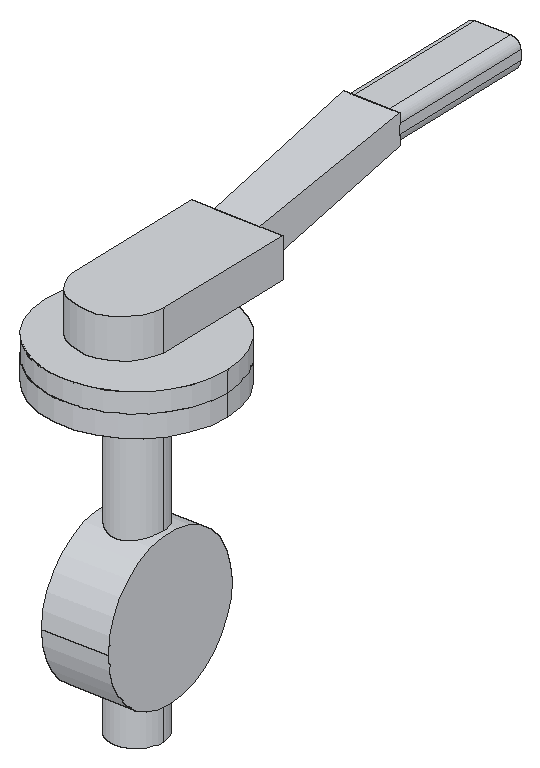
Revit family "HS497-68_disk-nerez_s pákou DN040-RFA_2018", category Pipe Accessories, Revit 2018
Family settings
  Round Connector Dimension = Use Diameter
  Part Type = Valve - Breaks Into
  Work Plane-Based = No
  Always vertical = Yes
  Cut with Voids When Loaded = No
  Shared = No
Parameters (values of type "HS 497-68_DN040_PN16_s pákou")
  magiProductId = "c1b522ca65b4407a98818f232eaacb"
  magiProductFamilyId = "53cea81e6f374d17b8841d9c72ad77"
  magiPartTypeId = 305
  isMeasuringValve [instance] = no
  ang2D [instance] = 0.00°
  X11 = 61.456 mm
  X1 = 25.456 mm
  W2D = 1000 mm
  VersionID = "2.0/2017.9.26.1/ZETKAMA_497_001"
  Use Minimum Symbol Size [instance] = yes
  URL = "http://www.hydronic.cz"
  Type Comments = "mezipřírubová; nerezový disk; PN16; -10~+110°C (krátkodobě +120°C)"
  SW30 = no
  SW3 = no
  SW21 = no
  SW20 = yes
  SW2 = yes
  SW1 = no
  R = 20 mm
  QmdConnectorList = "301;D;302;D"
  Productdata [instance] = ""
  NC = 50 mm
  Manufacturer = "Hydronic Systems Prague s.r.o."
  MM20 = 25.456 mm
  MC Product Code = "121 040 (nerezový disk, s pákou; DN40; PN16, kvs78)"
  M41 = 66 mm
  M4 = 44 mm
  LHL = 220 mm
  LHH3 = 2.45 mm
  LHH1 = 46.55 mm
  LH1 = 73.333 mm
  L4R__ve = -L4R  # -12.8 mm
  L4R = 12.8 mm
  L42__ve = -L42  # -96 mm
  L42 = 96 mm
  L41__ve = -L41  # -19.2 mm
  L41 = 19.2 mm
  L2D_Min = 3048 mm
  L2D = 216 mm
  L2 = 16.5 mm
  L1 = 26.4 mm
  L = 33 mm
  H = 30 mm
  G22 = 11.25 mm
  G2 = 22.5 mm
  G1 = 90 mm
  G = 90 mm
  F = 11 mm
  E44 = 31.25 mm
  E42 = 62.5 mm
  E4 = 125 mm
  E23 = 4.9 mm
  E22 = 19.6 mm
  E21 = 9.8 mm
  Description = "Mezipřírubová uzavírací klapka s pákou; nerezový disk, DN40; PN16; kvs78"
  DR2 = 20 mm
  DR = 76 mm
  DD1 = 15.625 mm
  DD = 12.5 mm
  D = 40 mm
  CAT0 = yes
  B2__ve = -B2  # -36 mm
  B2 = 36 mm
  A2 = 11 mm
  A1 = 79 mm
Types (43, lengths in mm): name | magiProductId | X11 | X1 | Type Comments | SW30 | SW3 | SW20 | SW2 | SW1 | R | NC | Manufacturer | MM20 | MC Product Code | M41 | M4 | LHL | LHH3 | LHH1 | LH1 | L4R__ve | L4R | L42__ve | L42 | L41__ve | L41 | L2 | L1 | L | H | G | F | E44 | E42 | E4 | E23 | E22 | E21 | Description | DR2 | DR | DD1 | DD | D | B2__ve | B2 | A2 | A1
  HS 497-68_DN100_PN16_volné vřeteno | "65d1b245f4f142c78569c0602d5754" | 61.456 | 25.456 | "mezipřírubová; nerezový disk; PN16; -10~+110°C (krátkodobě +120°C)" | no | no | no | no | yes | 50 | 50 | "Hydronic Systems Prague s.r.o." | 25.456 | "124 100 (nerezový disk, s volným vřetenem; DN100; PN16, kvs512)" | 66 | 44 | 220 | 2.45 | 46.55 | 73.333 | -12.8 | 12.8 | -96 | 96 | -19.2 | 19.2 | 26 | 41.6 | 52 | 30 | 90 | 11 | 31.25 | 62.5 | 125 | 4.9 | 19.6 | 9.8 | "Mezipřírubová uzavírací klapka s volným vřetenem; nerezový disk, DN100; PN16; kvs512" | 50 | 147 | 15.625 | 12.5 | 100 | -56 | 56 | 16.5 | 98.5
  HS 497-68_DN100_PN16_převodové kolo | "11e91b807e674d428c8e796fcdcfe2" | 61.456 | 25.456 | "mezipřírubová; nerezový disk; PN16; -10~+110°C (krátkodobě +120°C)" | yes | yes | no | no | no | 50 | 50 | "Hydronic Systems Prague s.r.o." | 25.456 | "126 100 (nerezový disk, s převodovým kolem; DN100; PN16, kvs512)" | 65.25 | 43.5 | 220 | 2.45 | 46.55 | 73.333 | -12.8 | 12.8 | -96 | 96 | -19.2 | 19.2 | 26 | 41.6 | 52 | 30 | 90 | 11 | 31.25 | 62.5 | 125 | 4.9 | 19.6 | 9.8 | "Mezipřírubová uzavírací klapka s převodovým kolem; nerezový disk, DN100; PN16; kvs512" | 50 | 147 | 15.625 | 12.5 | 100 | -56 | 56 | 16.5 | 98.5
  HS 497-68_DN100_PN16_s pákou | "28172f0b3f4b47b28323ac71cf8749" | 61.456 | 25.456 | "mezipřírubová; nerezový disk; PN16; -10~+110°C (krátkodobě +120°C)" | no | no | yes | yes | no | 50 | 50 | "Hydronic Systems Prague s.r.o." | 25.456 | "121 100 (nerezový disk, s pákou; DN100; PN16, kvs512)" | 66 | 44 | 260 | 3 | 57 | 86.667 | -12.8 | 12.8 | -96 | 96 | -19.2 | 19.2 | 26 | 41.6 | 52 | 30 | 90 | 11 | 31.25 | 62.5 | 125 | 6 | 24 | 12 | "Mezipřírubová uzavírací klapka s pákou; nerezový disk, DN100; PN16; kvs512" | 50 | 147 | 15.625 | 12.5 | 100 | -56 | 56 | 16.5 | 98.5
  HS 497-68_DN125_PN16_volné vřeteno | "0d813d910fc14f628bb3c2efbd185c" | 61.456 | 25.456 | "mezipřírubová; nerezový disk; PN16; -10~+110°C (krátkodobě +120°C)" | no | no | no | no | yes | 62.5 | 50 | "Hydronic Systems Prague s.r.o." | 25.456 | "124 125 (nerezový disk, s volným vřetenem; DN125; PN16, kvs872)" | 66 | 44 | 220 | 2.45 | 46.55 | 73.333 | -12.8 | 12.8 | -96 | 96 | -19.2 | 19.2 | 28 | 44.8 | 56 | 33 | 90 | 14 | 31.25 | 62.5 | 125 | 4.9 | 19.6 | 9.8 | "Mezipřírubová uzavírací klapka s volným vřetenem; nerezový disk, DN125; PN16; kvs872" | 62.5 | 180 | 15.625 | 12.5 | 125 | -64 | 64 | 18 | 99.5
  HS 497-68_DN125_PN16_převodové kolo | "c56b7c13f372467684996fb1e0e229" | 61.456 | 25.456 | "mezipřírubová; nerezový disk; PN16; -10~+110°C (krátkodobě +120°C)" | yes | yes | no | no | no | 62.5 | 50 | "Hydronic Systems Prague s.r.o." | 25.456 | "126125 (nerezový disk, s převodovým kolem; DN125; PN16, kvs872)" | 65.25 | 43.5 | 220 | 2.45 | 46.55 | 73.333 | -13.5 | 13.5 | -101.25 | 101.25 | -20.25 | 20.25 | 28 | 44.8 | 56 | 33 | 90 | 14 | 40 | 80 | 160 | 4.9 | 19.6 | 9.8 | "Mezipřírubová uzavírací klapka s převodovým kolem; nerezový disk, DN125; PN16; kvs872" | 62.5 | 180 | 20 | 16 | 125 | -64 | 64 | 18 | 99.5
  HS 497-68_DN125_PN16_s pákou | "105993c79a91492399feef7931321a" | 61.456 | 25.456 | "mezipřírubová; nerezový disk; PN16; -10~+110°C (krátkodobě +120°C)" | no | no | yes | yes | no | 62.5 | 50 | "Hydronic Systems Prague s.r.o." | 25.456 | "121 125 (nerezový disk, s pákou; DN125; PN16, kvs872)" | 66 | 44 | 315 | 3.75 | 71.25 | 105 | -12.8 | 12.8 | -96 | 96 | -19.2 | 19.2 | 28 | 44.8 | 56 | 33 | 90 | 14 | 31.25 | 62.5 | 125 | 7.5 | 30 | 15 | "Mezipřírubová uzavírací klapka s pákou; nerezový disk, DN125; PN16; kvs872" | 62.5 | 180 | 15.625 | 12.5 | 125 | -64 | 64 | 18 | 99.5
  HS 497-68_DN150_PN16_volné vřeteno | "50c80cb8ab434f55ab7796e5ac1331" | 61.456 | 25.456 | "mezipřírubová; nerezový disk; PN16; -10~+110°C (krátkodobě +120°C)" | no | no | no | no | yes | 75 | 50 | "Hydronic Systems Prague s.r.o." | 25.456 | "124 150 (nerezový disk, s volným vřetenem; DN150; PN16, kvs1347)" | 66 | 44 | 220 | 2.45 | 46.55 | 73.333 | -12.8 | 12.8 | -96 | 96 | -19.2 | 19.2 | 28 | 44.8 | 56 | 33 | 90 | 14 | 31.25 | 62.5 | 125 | 4.9 | 19.6 | 9.8 | "Mezipřírubová uzavírací klapka s volným vřetenem; nerezový disk, DN150; PN16; kvs1347" | 75 | 206 | 15.625 | 12.5 | 150 | -58 | 58 | 19.3 | 98.7
  HS 497-68_DN150_PN16_převodové kolo | "d94a1a0cf83b476eb10011b327f709" | 61.456 | 25.456 | "mezipřírubová; nerezový disk; PN16; -10~+110°C (krátkodobě +120°C)" | yes | yes | no | no | no | 75 | 50 | "Hydronic Systems Prague s.r.o." | 25.456 | "126 150 (nerezový disk, s převodovým kolem; DN150; PN16, kvs1347)" | 65.25 | 43.5 | 220 | 2.45 | 46.55 | 73.333 | -13.5 | 13.5 | -101.25 | 101.25 | -20.25 | 20.25 | 28 | 44.8 | 56 | 33 | 90 | 14 | 40 | 80 | 160 | 4.9 | 19.6 | 9.8 | "Mezipřírubová uzavírací klapka s převodovým kolem; nerezový disk, DN150; PN16; kvs1347" | 75 | 206 | 20 | 16 | 150 | -58 | 58 | 19.3 | 98.7
  HS 497-68_DN150_PN16_s pákou | "4d2835523fe84828bc50ff0a5a0dfb" | 61.456 | 25.456 | "mezipřírubová; nerezový disk; PN16; -10~+110°C (krátkodobě +120°C)" | no | no | yes | yes | no | 75 | 50 | "Hydronic Systems Prague s.r.o." | 25.456 | "121 150 (nerezový disk, s pákou; DN150; PN16, kvs1347)" | 66 | 44 | 315 | 3.75 | 71.25 | 105 | -12.8 | 12.8 | -96 | 96 | -19.2 | 19.2 | 28 | 44.8 | 56 | 33 | 90 | 14 | 31.25 | 62.5 | 125 | 7.5 | 30 | 15 | "Mezipřírubová uzavírací klapka s pákou; nerezový disk, DN150; PN16; kvs1347" | 75 | 206 | 15.625 | 12.5 | 150 | -58 | 58 | 19.3 | 98.7
  HS 497-68_DN200_PN16_volné vřeteno | "5b29029eaeba47139ee1055a4b9201" | 61.456 | 25.456 | "mezipřírubová; nerezový disk; PN16; -10~+110°C (krátkodobě +120°C)" | no | no | no | no | yes | 100 | 50 | "Hydronic Systems Prague s.r.o." | 25.456 | "124 200 (nerezový disk, s volným vřetenem; DN200; PN16, kvs2675)" | 66 | 44 | 220 | 2.45 | 46.55 | 73.333 | -12.8 | 12.8 | -96 | 96 | -19.2 | 19.2 | 30 | 48 | 60 | 33 | 90 | 17 | 31.25 | 62.5 | 125 | 4.9 | 19.6 | 9.8 | "Mezipřírubová uzavírací klapka s volným vřetenem; nerezový disk, DN200; PN16; kvs2675" | 100 | 257 | 15.625 | 12.5 | 200 | -70 | 70 | 22.5 | 102.5
  HS 497-68_DN200_PN16_převodové kolo | "b2793cc1fcc44cf2a35062cd67c04f" | 61.456 | 25.456 | "mezipřírubová; nerezový disk; PN16; -10~+110°C (krátkodobě +120°C)" | yes | yes | no | no | no | 100 | 57 | "Hydronic Systems Prague s.r.o." | 25.456 | "126 200 (nerezový disk, s převodovým kolem; DN200; PN16, kvs2675)" | 78.75 | 52.5 | 220 | 2.45 | 46.55 | 73.333 | -15.2 | 15.2 | -114 | 114 | -22.8 | 22.8 | 30 | 48 | 60 | 33 | 90 | 17 | 50 | 100 | 200 | 4.9 | 19.6 | 9.8 | "Mezipřírubová uzavírací klapka s převodovým kolem; nerezový disk, DN200; PN16; kvs2675" | 100 | 257 | 25 | 20 | 200 | -70 | 70 | 22.5 | 102.5
  HS 497-68_DN200_PN16_s pákou | "f88d96c7af224537a51e72d7d8fffe" | 61.456 | 25.456 | "mezipřírubová; nerezový disk; PN16; -10~+110°C (krátkodobě +120°C)" | no | no | yes | yes | no | 100 | 50 | "Hydronic Systems Prague s.r.o." | 25.456 | "121 200 (nerezový disk, s pákou; DN200; PN16, kvs2675)" | 66 | 44 | 315 | 3.75 | 71.25 | 105 | -12.8 | 12.8 | -96 | 96 | -19.2 | 19.2 | 30 | 48 | 60 | 33 | 90 | 17 | 31.25 | 62.5 | 125 | 7.5 | 30 | 15 | "Mezipřírubová uzavírací klapka s pákou; nerezový disk, DN200; PN16; kvs2675" | 100 | 257 | 15.625 | 12.5 | 200 | -70 | 70 | 22.5 | 102.5
  HS 497-68_DN250_PN16_volné vřeteno | "b662e8305ca2402b9c510e66e6aa55" | 88.77 | 36.77 | "mezipřírubová; nerezový disk; PN16; -10~+110°C (krátkodobě +120°C)" | no | no | no | no | yes | 125 | 50 | "Hydronic Systems Prague s.r.o." | 36.77 | "124 250 (nerezový disk, s volným vřetenem; DN250; PN16, kvs4555)" | 66 | 44 | 220 | 2.45 | 46.55 | 73.333 | -12.8 | 12.8 | -96 | 96 | -19.2 | 19.2 | 34 | 54.4 | 68 | 23 | 130 | 22 | 31.25 | 62.5 | 125 | 4.9 | 19.6 | 9.8 | "Mezipřírubová uzavírací klapka s volným vřetenem; nerezový disk, DN250; PN16; kvs4555" | 125 | 324 | 15.625 | 12.5 | 250 | -85 | 85 | 28.25 | 129.25
  HS 497-68_DN250_PN16_převodové kolo | "5ee9016806664ddfaa2632711f295c" | 88.77 | 36.77 | "mezipřírubová; nerezový disk; PN16; -10~+110°C (krátkodobě +120°C)" | yes | yes | no | no | no | 125 | 70 | "Hydronic Systems Prague s.r.o." | 36.77 | "126 250 (nerezový disk, s převodovým kolem; DN250; PN16, kvs4555)" | 91.5 | 61 | 220 | 2.45 | 46.55 | 73.333 | -22.2 | 22.2 | -166.5 | 166.5 | -33.3 | 33.3 | 34 | 54.4 | 68 | 23 | 130 | 22 | 62.5 | 125 | 250 | 4.9 | 19.6 | 9.8 | "Mezipřírubová uzavírací klapka s převodovým kolem; nerezový disk, DN250; PN16; kvs4555" | 125 | 324 | 31.25 | 25 | 250 | -85 | 85 | 28.25 | 129.25
  HS 497-68_DN300_PN16_volné vřeteno | "e1886f51ff004380a649519258edf2" | 88.77 | 36.77 | "mezipřírubová; nerezový disk; PN16; -10~+110°C (krátkodobě +120°C)" | no | no | no | no | yes | 150 | 50 | "Hydronic Systems Prague s.r.o." | 36.77 | "124 300 (nerezový disk, s volným vřetenem; DN300; PN16, kvs7037)" | 66 | 44 | 220 | 2.45 | 46.55 | 73.333 | -12.8 | 12.8 | -96 | 96 | -19.2 | 19.2 | 39 | 62.4 | 78 | 23 | 130 | 22 | 31.25 | 62.5 | 125 | 4.9 | 19.6 | 9.8 | "Mezipřírubová uzavírací klapka s volným vřetenem; nerezový disk, DN300; PN16; kvs7037" | 150 | 376 | 15.625 | 12.5 | 300 | -90 | 90 | 30.8 | 127.2
  HS 497-68_DN300_PN16_převodové kolo | "6860f094f77d42088fbebc3c97f755" | 88.77 | 36.77 | "mezipřírubová; nerezový disk; PN16; -10~+110°C (krátkodobě +120°C)" | yes | yes | no | no | no | 150 | 70 | "Hydronic Systems Prague s.r.o." | 36.77 | "126 300 (nerezový disk, s převodovým kolem; DN300; PN16, kvs7037)" | 91.5 | 61 | 220 | 2.45 | 46.55 | 73.333 | -22.2 | 22.2 | -166.5 | 166.5 | -33.3 | 33.3 | 39 | 62.4 | 78 | 23 | 130 | 22 | 62.5 | 125 | 250 | 4.9 | 19.6 | 9.8 | "Mezipřírubová uzavírací klapka s převodovým kolem; nerezový disk, DN300; PN16; kvs7037" | 150 | 376 | 31.25 | 25 | 300 | -90 | 90 | 30.8 | 127.2
  HS 497-68_DN032_PN16_volné vřeteno | "8c5f65de52aa4067a77564107e31b2" | 61.456 | 25.456 | "mezipřírubová; nerezový disk; PN16; -10~+110°C (krátkodobě +120°C)" | no | no | no | no | yes | 16 | 50 | "Hydronic Systems Prague s.r.o." | 25.456 | "124 032 (nerezový disk, s volným vřetenem; DN32; PN16, kvs78)" | 66 | 44 | 220 | 2.45 | 46.55 | 73.333 | -12.8 | 12.8 | -96 | 96 | -19.2 | 19.2 | 16.5 | 26.4 | 33 | 30 | 90 | 11 | 31.25 | 62.5 | 125 | 4.9 | 19.6 | 9.8 | "Mezipřírubová uzavírací klapka s volným vřetenem; nerezový disk, DN32; PN16; kvs78" | 16 | 68 | 15.625 | 12.5 | 32 | -44.2 | 44.2 | 10.25 | 76.25
  HS 497-68_DN032_PN16_převodové kolo | "60aaeffa8b3a4e809ef000e4660060" | 61.456 | 25.456 | "mezipřírubová; nerezový disk; PN16; -10~+110°C (krátkodobě +120°C)" | yes | yes | no | no | no | 16 | 50 | "Hydronic Systems Prague s.r.o." | 25.456 | "126 032 (nerezový disk, s převodovým kolem; DN32; PN16, kvs78)" | 65.25 | 43.5 | 220 | 2.45 | 46.55 | 73.333 | -12.8 | 12.8 | -96 | 96 | -19.2 | 19.2 | 16.5 | 26.4 | 33 | 30 | 90 | 11 | 31.25 | 62.5 | 125 | 4.9 | 19.6 | 9.8 | "Mezipřírubová uzavírací klapka s převodovým kolem; nerezový disk, DN32; PN16; kvs78" | 16 | 68 | 15.625 | 12.5 | 32 | -44.2 | 44.2 | 10.25 | 76.25
  HS 497-68_DN032_PN16_s pákou | "9ad8088d610749a1b871aa2aad8007" | 61.456 | 25.456 | "mezipřírubová; nerezový disk; PN16; -10~+110°C (krátkodobě +120°C)" | no | no | yes | yes | no | 16 | 50 | "Hydronic Systems Prague s.r.o." | 25.456 | "121 032 (nerezový disk, s pákou; DN32; PN16, kvs78)" | 66 | 44 | 220 | 2.45 | 46.55 | 73.333 | -12.8 | 12.8 | -96 | 96 | -19.2 | 19.2 | 16.5 | 26.4 | 33 | 30 | 90 | 11 | 31.25 | 62.5 | 125 | 4.9 | 19.6 | 9.8 | "Mezipřírubová uzavírací klapka s pákou; nerezový disk, DN32; PN16; kvs78" | 16 | 68 | 15.625 | 12.5 | 32 | -44.2 | 44.2 | 10.25 | 76.25
  HS 497-68_DN350_PN10_volné vřeteno | "72a1e05f22944421b7e9596a877137" | 109.255 | 45.255 | "mezipřírubová; nerezový disk; PN10; -10~+110°C (krátkodobě +120°C)" | no | no | no | no | yes | 175 | 50 | "Hydronic Systems Prague s.r.o." | 45.255 | "124 350 (nerezový disk, s volným vřetenem; DN350; PN10, kvs10165)" | 66 | 44 | 220 | 2.45 | 46.55 | 73.333 | -12.8 | 12.8 | -96 | 96 | -19.2 | 19.2 | 39 | 62.4 | 78 | 31 | 160 | 22 | 31.25 | 62.5 | 125 | 4.9 | 19.6 | 9.8 | "Mezipřírubová uzavírací klapka s volným vřetenem; nerezový disk, DN350; PN10; kvs10165" | 175 | 430 | 15.625 | 12.5 | 350 | -88 | 88 | 33.85 | 129.65
  HS 497-68_DN350_PN10_převodové kolo | "a5a01426cb28494ba3afca92f1dace" | 109.255 | 45.255 | "mezipřírubová; nerezový disk; PN10; -10~+110°C (krátkodobě +120°C)" | yes | yes | no | no | no | 175 | 70 | "Hydronic Systems Prague s.r.o." | 45.255 | "126 350 (nerezový disk, s převodovým kolem; DN350; PN10, kvs10165)" | 91.5 | 61 | 220 | 2.45 | 46.55 | 73.333 | -22.2 | 22.2 | -166.5 | 166.5 | -33.3 | 33.3 | 39 | 62.4 | 78 | 31 | 160 | 22 | 62.5 | 125 | 250 | 4.9 | 19.6 | 9.8 | "Mezipřírubová uzavírací klapka s převodovým kolem; nerezový disk, DN350; PN10; kvs10165" | 175 | 430 | 31.25 | 25 | 350 | -88 | 88 | 33.85 | 129.65
  HS 497-68_DN400_PN10_volné vřeteno | "c70ebeb927c04ab99b176e257ad0a7" | 109.255 | 45.255 | "mezipřírubová; nerezový disk; PN10; -10~+110°C (krátkodobě +120°C)" | no | no | no | no | yes | 200 | 50 | "Hydronic Systems Prague s.r.o." | 45.255 | "124 400 (nerezový disk, s volným vřetenem; DN400; PN10, kvs13799)" | 66 | 44 | 220 | 2.45 | 46.55 | 73.333 | -12.8 | 12.8 | -96 | 96 | -19.2 | 19.2 | 51 | 81.6 | 102 | 31 | 160 | 27 | 31.25 | 62.5 | 125 | 4.9 | 19.6 | 9.8 | "Mezipřírubová uzavírací klapka s volným vřetenem; nerezový disk, DN400; PN10; kvs13799" | 200 | 485 | 15.625 | 12.5 | 400 | -108 | 108 | 38 | 142
  HS 497-68_DN400_PN10_převodové kolo | "cc64a4384dcb41b780d81810f4f293" | 109.255 | 45.255 | "mezipřírubová; nerezový disk; PN10; -10~+110°C (krátkodobě +120°C)" | yes | yes | no | no | no | 200 | 72.5 | "Hydronic Systems Prague s.r.o." | 45.255 | "126 400 (nerezový disk, s převodovým kolem; DN400; PN10, kvs13799)" | 103.5 | 69 | 220 | 2.45 | 46.55 | 73.333 | -27.8 | 27.8 | -208.5 | 208.5 | -41.7 | 41.7 | 51 | 81.6 | 102 | 31 | 160 | 27 | 75 | 150 | 300 | 4.9 | 19.6 | 9.8 | "Mezipřírubová uzavírací klapka s převodovým kolem; nerezový disk, DN400; PN10; kvs13799" | 200 | 485 | 37.5 | 30 | 400 | -108 | 108 | 38 | 142
  HS 497-68_DN040_PN16_volné vřeteno | "35f92312390745e88df5b5c325d9ee" | 61.456 | 25.456 | "mezipřírubová; nerezový disk; PN16; -10~+110°C (krátkodobě +120°C)" | no | no | no | no | yes | 20 | 50 | "Hydronic Systems Prague s.r.o." | 25.456 | "124 040 (nerezový disk, s volným vřetenem; DN40; PN16, kvs78)" | 66 | 44 | 220 | 2.45 | 46.55 | 73.333 | -12.8 | 12.8 | -96 | 96 | -19.2 | 19.2 | 16.5 | 26.4 | 33 | 30 | 90 | 11 | 31.25 | 62.5 | 125 | 4.9 | 19.6 | 9.8 | "Mezipřírubová uzavírací klapka s volným vřetenem; nerezový disk, DN40; PN16; kvs78" | 20 | 76 | 15.625 | 12.5 | 40 | -36 | 36 | 11 | 79
  HS 497-68_DN040_PN16_převodové kolo | "d88e968eae3445bc9b7b4e6ff35127" | 61.456 | 25.456 | "mezipřírubová; nerezový disk; PN16; -10~+110°C (krátkodobě +120°C)" | yes | yes | no | no | no | 20 | 50 | "Hydronic Systems Prague s.r.o." | 25.456 | "126 040 (nerezový disk, s převodovým kolem; DN40; PN16, kvs78)" | 65.25 | 43.5 | 220 | 2.45 | 46.55 | 73.333 | -12.8 | 12.8 | -96 | 96 | -19.2 | 19.2 | 16.5 | 26.4 | 33 | 30 | 90 | 11 | 31.25 | 62.5 | 125 | 4.9 | 19.6 | 9.8 | "Mezipřírubová uzavírací klapka s převodovým kolem; nerezový disk, DN40; PN16; kvs78" | 20 | 76 | 15.625 | 12.5 | 40 | -36 | 36 | 11 | 79
  HS 497-68_DN040_PN16_s pákou | "c1b522ca65b4407a98818f232eaacb" | 61.456 | 25.456 | "mezipřírubová; nerezový disk; PN16; -10~+110°C (krátkodobě +120°C)" | no | no | yes | yes | no | 20 | 50 | "Hydronic Systems Prague s.r.o." | 25.456 | "121 040 (nerezový disk, s pákou; DN40; PN16, kvs78)" | 66 | 44 | 220 | 2.45 | 46.55 | 73.333 | -12.8 | 12.8 | -96 | 96 | -19.2 | 19.2 | 16.5 | 26.4 | 33 | 30 | 90 | 11 | 31.25 | 62.5 | 125 | 4.9 | 19.6 | 9.8 | "Mezipřírubová uzavírací klapka s pákou; nerezový disk, DN40; PN16; kvs78" | 20 | 76 | 15.625 | 12.5 | 40 | -36 | 36 | 11 | 79
  HS 497-68_DN450_PN10_volné vřeteno | "a8358bc282f14872b3194e530e590a" | 129.74 | 53.74 | "mezipřírubová; nerezový disk; PN10; -10~+110°C (krátkodobě +120°C)" | no | no | no | no | yes | 225 | 50 | "Hydronic Systems Prague s.r.o." | 53.74 | "124 450 (nerezový disk, s volným vřetenem; DN450; PN10, kvs18514)" | 66 | 44 | 220 | 2.45 | 46.55 | 73.333 | -12.8 | 12.8 | -96 | 96 | -19.2 | 19.2 | 57 | 91.2 | 114 | 38 | 190 | 36 | 31.25 | 62.5 | 125 | 4.9 | 19.6 | 9.8 | "Mezipřírubová uzavírací klapka s volným vřetenem; nerezový, DN450; PN10; kvs18514" | 225 | 536 | 15.625 | 12.5 | 450 | -115 | 115 | 38.05 | 117.45
  HS 497-68_DN450_PN10_převodové kolo | "cdf2d80f54a9414f9cbe50647c0ebd" | 129.74 | 53.74 | "mezipřírubová; nerezový disk; PN10; -10~+110°C (krátkodobě +120°C)" | yes | yes | no | no | no | 225 | 91.5 | "Zetkama" | 53.74 | "126 450 (nerezový disk, s převodovým kolem; DN450; PN10, kvs18514)" | 144.75 | 96.5 | 220 | 2.45 | 46.55 | 73.333 | -32.1 | 32.1 | -240.75 | 240.75 | -48.15 | 48.15 | 57 | 91.2 | 114 | 38 | 190 | 36 | 100 | 200 | 400 | 4.9 | 19.6 | 9.8 | "Mezipřírubová uzavírací klapka s převodovým kolem; nerezový disk, DN450; PN10; kvs18514" | 225 | 536 | 50 | 40 | 450 | -115 | 115 | 38.05 | 117.45
  HS 497-68_DN500_PN10_volné vřeteno | "8c396e27bb2743f98f3c762b6517cd" | 143.397 | 59.397 | "mezipřírubová; nerezový disk; PN10; -10~+110°C (krátkodobě +120°C)" | no | no | no | no | yes | 250 | 50 | "Hydronic Systems Prague s.r.o." | 59.397 | "124 500 (nerezový disk, s volným vřetenem; DN500; PN10, kvs23805)" | 66 | 44 | 220 | 2.45 | 46.55 | 73.333 | -12.8 | 12.8 | -96 | 96 | -19.2 | 19.2 | 63.5 | 101.6 | 127 | 38 | 210 | 36 | 31.25 | 62.5 | 125 | 4.9 | 19.6 | 9.8 | "Mezipřírubová uzavírací klapka s volným vřetenem; nerezový disk, DN500; PN10; kvs23805" | 250 | 593 | 15.625 | 12.5 | 500 | -130 | 130 | 43.25 | 139.25
  HS 497-68_DN500_PN10_převodové kolo | "7647804f32e94cef828a7034a91a46" | 143.397 | 59.397 | "mezipřírubová; nerezový disk; PN10; -10~+110°C (krátkodobě +120°C)" | yes | yes | no | no | no | 250 | 91.5 | "Zetkama" | 59.397 | "126 500 (nerezový disk, s převodovým kolem; DN500; PN10, kvs23805)" | 144.75 | 96.5 | 220 | 2.45 | 46.55 | 73.333 | -32.1 | 32.1 | -240.75 | 240.75 | -48.15 | 48.15 | 63.5 | 101.6 | 127 | 38 | 210 | 36 | 100 | 200 | 400 | 4.9 | 19.6 | 9.8 | "Mezipřírubová uzavírací klapka s převodovým kolem; nerezový disk, DN500; PN10; kvs23805" | 250 | 593 | 50 | 40 | 500 | -130 | 130 | 43.25 | 139.25
  HS 497-68_DN050_volné vřeteno | "d71f296ecd6d4adf8f6e5d9853b4e0" | 61.456 | 25.456 | "mezipřírubová; nerezový disk; PN16; -10~+110°C (krátkodobě +120°C)" | no | no | no | no | yes | 25 | 50 | "Hydronic Systems Prague s.r.o." | 25.456 | "124 050 (nerezový disk, s volným vřetenem; DN50; PN16, kvs98)" | 66 | 44 | 220 | 2.45 | 46.55 | 73.333 | -12.8 | 12.8 | -96 | 96 | -19.2 | 19.2 | 21.5 | 34.4 | 43 | 30 | 90 | 11 | 31.25 | 62.5 | 125 | 4.9 | 19.6 | 9.8 | "Mezipřírubová uzavírací klapka s volným vřetenem; nerezový disk, DN50; PN16; kvs98" | 25 | 100 | 15.625 | 12.5 | 50 | -36.5 | 36.5 | 12 | 83
  HS 497-68_DN050_PN16_převodové kolo | "2fb080deeaed49c58418b94c1da5a4" | 61.456 | 25.456 | "mezipřírubová; nerezový disk; PN16; -10~+110°C (krátkodobě +120°C)" | yes | yes | no | no | no | 25 | 50 | "Hydronic Systems Prague s.r.o." | 25.456 | "126 050 (nerezový disk, s převodovým kolem; DN50; PN16, kvs98)" | 65.25 | 43.5 | 220 | 2.45 | 46.55 | 73.333 | -12.8 | 12.8 | -96 | 96 | -19.2 | 19.2 | 21.5 | 34.4 | 43 | 30 | 90 | 11 | 31.25 | 62.5 | 125 | 4.9 | 19.6 | 9.8 | "Mezipřírubová uzavírací klapka s převodovým kolem; nerezový disk, DN50; PN16; kvs98" | 25 | 100 | 15.625 | 12.5 | 50 | -36.5 | 36.5 | 12 | 83
  HS 497-68_DN050_PN16_s pákou | "dabc632061f94877a994b9b4e68112" | 61.456 | 25.456 | "mezipřírubová; nerezový disk; PN16; -10~+110°C (krátkodobě +120°C)" | no | no | yes | yes | no | 25 | 50 | "Hydronic Systems Prague s.r.o." | 25.456 | "121 050 (nerezový disk, s pákou; DN50; PN16, kvs98)" | 66 | 44 | 220 | 2.45 | 46.55 | 73.333 | -12.8 | 12.8 | -96 | 96 | -19.2 | 19.2 | 21.5 | 34.4 | 43 | 30 | 90 | 11 | 31.25 | 62.5 | 125 | 4.9 | 19.6 | 9.8 | "Mezipřírubová uzavírací klapka s pákou; nerezový disk, DN50; PN16; kvs98" | 25 | 100 | 15.625 | 12.5 | 50 | -36.5 | 36.5 | 12 | 83
  HS 497-68_DN600_PN10_volné vřeteno | "99d5892c14664fce81a7c5903f7711" | 143.397 | 59.397 | "mezipřírubová; nerezový disk; PN10; -10~+110°C (krátkodobě +120°C)" | no | no | no | no | yes | 300 | 50 | "Hydronic Systems Prague s.r.o." | 59.397 | "124 600 (nerezový disk, s volným vřetenem; DN600; PN10, kvs36778)" | 66 | 44 | 220 | 2.45 | 46.55 | 73.333 | -12.8 | 12.8 | -96 | 96 | -19.2 | 19.2 | 77 | 123.2 | 154 | 80 | 210 | 60 | 31.25 | 62.5 | 125 | 4.9 | 19.6 | 9.8 | "Mezipřírubová uzavírací klapka s volným vřetenem; nerezový disk, DN600; PN10; kvs36788" | 300 | 690 | 15.625 | 12.5 | 600 | -140 | 140 | 49.4 | 144.6
  HS 497-68_DN600_PN10_převodové kolo | "b1e26faab48a4c499f6bb11e7e3002" | 143.397 | 59.397 | "mezipřírubová; lnerezový disk; PN10; -10~+110°C (krátkodobě +120°C)" | yes | yes | no | no | no | 300 | 140 | "Hydronic Systems Prague s.r.o." | 59.397 | "126 600 (nerezový disk, s převodovým kolem; DN600; PN10, kvs36778)" | 206.25 | 137.5 | 220 | 2.45 | 46.55 | 73.333 | -40.8 | 40.8 | -306 | 306 | -61.2 | 61.2 | 77 | 123.2 | 154 | 80 | 210 | 60 | 125 | 250 | 500 | 4.9 | 19.6 | 9.8 | "Mezipřírubová uzavírací klapka s převodovým kolem; nerezový disk, DN600; PN10; kvs36788" | 300 | 690 | 62.5 | 50 | 600 | -140 | 140 | 49.4 | 144.6
  HS 497-68_DN065_PN16_volné vřeteno | "5e5e208646e34ec29f889baab5d08e" | 61.456 | 25.456 | "mezipřírubová; lnerezový disk; PN16; -10~+110°C (krátkodobě +120°C)" | no | no | no | no | yes | 32.5 | 50 | "Hydronic Systems Prague s.r.o." | 25.456 | "124 065 (nerezový disk, s volným vřetenem; DN65; PN16, kvs167)" | 66 | 44 | 220 | 2.45 | 46.55 | 73.333 | -12.8 | 12.8 | -96 | 96 | -19.2 | 19.2 | 23 | 36.8 | 46 | 30 | 90 | 11 | 31.25 | 62.5 | 125 | 4.9 | 19.6 | 9.8 | "Mezipřírubová uzavírací klapka s volným vřetenem; nerezový disk, DN65; PN16; kv167" | 32.5 | 108 | 15.625 | 12.5 | 65 | -36.5 | 36.5 | 13.5 | 89
  HS 497-68_DN065_PN16_převodové kolo | "654d74c8d15540b0bfe523d988ccb3" | 61.456 | 25.456 | "mezipřírubová; nerezový disk; PN16; -10~+110°C (krátkodobě +120°C)" | yes | yes | no | no | no | 32.5 | 50 | "Hydronic Systems Prague s.r.o." | 25.456 | "126 065 (nerezový disk, s převodovým kolem; DN65; PN16, kvs167)" | 65.25 | 43.5 | 220 | 2.45 | 46.55 | 73.333 | -12.8 | 12.8 | -96 | 96 | -19.2 | 19.2 | 23 | 36.8 | 46 | 30 | 90 | 11 | 31.25 | 62.5 | 125 | 4.9 | 19.6 | 9.8 | "Mezipřírubová uzavírací klapka s převodovým kolem; nerezový disk, DN65; PN16; kvs167" | 32.5 | 108 | 15.625 | 12.5 | 65 | -36.5 | 36.5 | 13.5 | 89
  HS 497-68_DN065_PN16_s pákou | "ebeb4b59db0641caaf6d6635ab37b9" | 61.456 | 25.456 | "mezipřírubová; nerezový disk; PN16; -10~+110°C (krátkodobě +120°C)" | no | no | yes | yes | no | 32.5 | 50 | "Hydronic Systems Prague s.r.o." | 25.456 | "121 065 (nerezový disk, s pákou; DN65; PN16, kvs167)" | 66 | 44 | 220 | 2.45 | 46.55 | 73.333 | -12.8 | 12.8 | -96 | 96 | -19.2 | 19.2 | 23 | 36.8 | 46 | 30 | 90 | 11 | 31.25 | 62.5 | 125 | 4.9 | 19.6 | 9.8 | "Mezipřírubová uzavírací klapka s pákou; nerezový disk, DN65; PN16; kvs167" | 32.5 | 108 | 15.625 | 12.5 | 65 | -36.5 | 36.5 | 13.5 | 89
  HS 497-68_DN080_PN16_volné vřeteno | "9e85c75c18654e1185a9c48ed6b00e" | 61.456 | 25.456 | "mezipřírubová; nerezový disk; PN16; -10~+110°C (krátkodobě +120°C)" | no | no | no | no | yes | 40 | 50 | "Hydronic Systems Prague s.r.o." | 25.456 | "124 080 (nerezový disk, s volným vřetenem; DN80; PN16, kvs258)" | 66 | 44 | 220 | 2.45 | 46.55 | 73.333 | -12.8 | 12.8 | -96 | 96 | -19.2 | 19.2 | 23 | 36.8 | 46 | 30 | 90 | 11 | 31.25 | 62.5 | 125 | 4.9 | 19.6 | 9.8 | "Mezipřírubová uzavírací klapka s volným vřetenem; nerezový disk, DN80; PN16; kvs258" | 40 | 124 | 15.625 | 12.5 | 80 | -54 | 54 | 14.1 | 86.9
  HS 497-68_DN080_PN16_převodové kolo | "5b3c8238c3d041e68c75b199e7ea46" | 61.456 | 25.456 | "mezipřírubová; nerezový disk; PN16; -10~+110°C (krátkodobě +120°C)" | yes | yes | no | no | no | 40 | 50 | "Hydronic Systems Prague s.r.o." | 25.456 | "126 080 (nerezový disk, s převodovým kolem; DN80; PN16, kvs258)" | 65.25 | 43.5 | 220 | 2.45 | 46.55 | 73.333 | -12.8 | 12.8 | -96 | 96 | -19.2 | 19.2 | 23 | 36.8 | 46 | 30 | 90 | 11 | 31.25 | 62.5 | 125 | 4.9 | 19.6 | 9.8 | "Mezipřírubová uzavírací klapka s převodovým kolem; nerezový disk, DN80; PN16; kvs258" | 40 | 124 | 15.625 | 12.5 | 80 | -54 | 54 | 14.1 | 86.9
  HS 497-68_DN080_PN16_s pákou | "e414795fab0f4eccb99bc3572c5477" | 61.456 | 25.456 | "mezipřírubová; nerezový disk; PN16; -10~+110°C (krátkodobě +120°C)" | no | no | yes | yes | no | 40 | 50 | "Hydronic Systems Prague s.r.o." | 25.456 | "121 080 (nerezový disk, s pákou; DN80; PN16, kvs258)" | 66 | 44 | 260 | 3 | 57 | 86.667 | -12.8 | 12.8 | -96 | 96 | -19.2 | 19.2 | 23 | 36.8 | 46 | 30 | 90 | 11 | 31.25 | 62.5 | 125 | 6 | 24 | 12 | "Mezipřírubová uzavírací klapka s pákou; nerezový disk, DN80; PN16; kvs258" | 40 | 124 | 15.625 | 12.5 | 80 | -54 | 54 | 14.1 | 86.9
  HS 497-68_DN250_PN16_s pákou | "" | 88.77 | 36.77 | "mezipřírubová; nerezový disk; PN16; -10~+110°C (krátkodobě +120°C)" | no | no | yes | yes | no | 125 | 70 | "Hydronic Systems Prague s.r.o." | 36.77 | "121 250 (nerezový disk, s ákou; DN250; PN16, kvs4555)" | 91.5 | 61 | 220 | 2.45 | 46.55 | 73.333 | -22.2 | 22.2 | -166.5 | 166.5 | -33.3 | 33.3 | 34 | 54.4 | 68 | 23 | 130 | 22 | 62.5 | 125 | 250 | 4.9 | 19.6 | 9.8 | "Mezipřírubová uzavírací klapka s pákou; nerezový disk, DN250; PN16; kvs4555" | 125 | 324 | 31.25 | 25 | 250 | -85 | 85 | 28.25 | 129.25
  HS 497-68_DN300_PN16_s pákou | "" | 88.77 | 36.77 | "mezipřírubová; nerezový disk; PN16; -10~+110°C (krátkodobě +120°C)" | no | no | yes | yes | no | 150 | 70 | "Hydronic Systems Prague s.r.o." | 36.77 | "121 300 (nerezový disk, s pákou; DN300; PN16, kvs7037)" | 91.5 | 61 | 220 | 2.45 | 46.55 | 73.333 | -22.2 | 22.2 | -166.5 | 166.5 | -33.3 | 33.3 | 39 | 62.4 | 78 | 23 | 130 | 22 | 62.5 | 125 | 250 | 4.9 | 19.6 | 9.8 | "Mezipřírubová uzavírací klapka s pákou; nerezový disk, DN300; PN16; kvs7037" | 150 | 376 | 31.25 | 25 | 300 | -90 | 90 | 30.8 | 127.2
Reference planes
  plane 1 "Center (Front/Back)": y = 0
  plane 2 "XYPLANE": z = 0
  plane 3 "Center (Left/Right)": x = 0
  plane 4 "473": x = -25.456
  plane 5 "472": x = -66
  plane 6 "471": y = -25.456
  plane 7 "470": y = 25.456
  plane 8 "469": x = -44
  plane 9 "468": y = -115.2
  plane 10 "467": y = -96
  plane 11 "466": z = 141.25
  plane 12 "465": z = 156.55
  plane 13 "464": y = 145.417
  plane 14 "463": z = 146.75
  plane 15 "462": z = 129.6
  plane 16 "461": z = 139.4
  plane 17 "460": y = 72.083
  plane 18 "459": x = -11.25
  plane 19 "458": x = 11.25
  plane 20 "457": y = -6.25
  plane 21 "456": x = -17.5
  plane 22 "455": x = 17.5
  plane 23 "454": z = 144.3
  plane 24 "453": y = 62.083
  plane 25 "452": y = -11.25
  plane 26 "451": x = -22.5
  plane 27 "450": x = 22.5
  plane 28 "449": z = 124.7
  plane 29 "448": z = 119.8
  plane 30 "447": z = -20
  plane 31 "446": z = 110
  plane 32 "445": z = 99
  plane 33 "444": z = 20
  plane 34 "443": x = 16.5
  plane 35 "442": x = -16.5
  plane 36 "441": z = 0
  plane 37 "440": y = 0
  plane 38 "439": x = 0
  plane 39 "438": z = 159
  plane 40 "437": z = 144.3
  plane 41 "436": x = 13.7
  plane 42 "435": x = -13.7
  plane 43 "434": y = 220
Forms (mm)
  Extrusion 1, solid, visible <- "SW3"
    sketch origin (-750, 0, 110) x (1, 0, 0) y (0, 1, 0)
      loop
        line (684, 25.456) -> (684, -25.456) -> (724.544, -25.456)
        arc (724.544, -25.456) -> (786, 0) -> (724.544, 25.456) r 36
        line (724.544, 25.456) -> (684, 25.456)
    from 0 to 62.5 <- "E42"
  Extrusion 2, solid, visible <- "SW30"
    sketch origin (0, -750, 0) x (0, 1, 0) y (0, 0, 1)
      loop
        circle (750, 141.25) r 7.813
    from 0 to 50 <- "NC"
  Extrusion 3, solid, visible <- "SW30"
    sketch origin (750, -115.2, 0) x (-1, 0, 0) y (0, 0, 1)
      loop
        circle (794, 141.25) r 62.5
    from 0 to -12.8 <- "L4R__ve"
  Extrusion 4, solid, visible <- "SW3"
    sketch origin (750, -96, 0) x (-1, 0, 0) y (0, 0, 1)
      loop
        circle (794, 141.25) r 7.813
    from 0 to -19.2 <- "L41__ve"
  Extrusion 5, solid, visible <- "SW30"
    sketch origin (750, 0, 0) x (-1, 0, 0) y (0, 0, 1)
      loop
        circle (794, 141.25) r 6.25
    from 0 to -96 <- "L42__ve"
  Blend 6, solid, visible <- "SW21"
    base sketch origin (750, 72.083, 0) x (-1, 0, 0) y (0, 0, 1)
      loop
        line (761.25, 139.4) -> (738.75, 139.4) -> (738.75, 129.6) -> (761.25, 129.6) -> (761.25, 139.4)
    top sketch origin (750, 72.083, 0) x (-1, 0, 0) y (0, 0, 1)
      loop
        line (761.25, 156.55) -> (738.75, 156.55) -> (738.75, 146.75) -> (761.25, 146.75) -> (761.25, 156.55)
    from 0 to 73.333
  Blend 7, solid, visible <- "SW21"
    base sketch origin (750, 62.083, 0) x (-1, 0, 0) y (0, 0, 1)
      loop
        line (761.25, 144.3) -> (738.75, 144.3) -> (738.75, 124.7) -> (761.25, 124.7) -> (761.25, 144.3)
    top sketch origin (750, 62.083, 0) x (-1, 0, 0) y (0, 0, 1)
      loop
        line (761.25, 139.4) -> (738.75, 139.4) -> (738.75, 129.6) -> (761.25, 129.6) -> (761.25, 139.4)
    from 0 to 10
  Blend 8, solid, visible <- "SW21"
    base sketch origin (-750, 0, 124.7) x (1, 0, 0) y (0, 1, 0)
      loop
        line (772.5, 62.083) -> (727.5, 62.083) -> (727.5, -11.25)
        arc (727.5, -11.25) -> (750, -31.25) -> (772.5, -11.25) r 22.656
        line (772.5, -11.25) -> (772.5, 62.083)
    top sketch origin (-750, 0, 124.7) x (1, 0, 0) y (0, 1, 0)
      loop
        line (767.5, 62.083) -> (732.5, 62.083) -> (732.5, -6.25)
        arc (732.5, -6.25) -> (750, -26.25) -> (767.5, -6.25) r 17.656
        line (767.5, -6.25) -> (767.5, 62.083)
    from 0 to 19.6
  Extrusion 9, solid, visible <- "SW2"
    sketch origin (-750, 0, 119.8) x (1, 0, 0) y (0, 1, 0)
      loop
        circle (750, 0) r 11.25
    from 0 to 4.9 <- "E23"
  Extrusion 10, solid, visible <- "SW2"
    sketch origin (-750, 0, 110) x (1, 0, 0) y (0, 1, 0)
      loop
        circle (750, 0) r 45
    from 0 to 9.8 <- "E21"
  Extrusion 11, solid, visible <- "CAT0"
    sketch origin (-750, 0, -20) x (1, 0, 0) y (0, 1, 0)
      loop
        circle (750, 0) r 13.2
    from 0 to -36 <- "B2__ve"
  Extrusion 12, solid, visible <- "CAT0"
    sketch origin (-750, 0, 99) x (1, 0, 0) y (0, 1, 0)
      loop
        circle (750, 0) r 45
    from 0 to 11 <- "A2"
  Extrusion 13, solid, visible <- "CAT0"
    sketch origin (-750, 0, 20) x (1, 0, 0) y (0, 1, 0)
      loop
        circle (750, 0) r 13.2
    from 0 to 79 <- "A1"
  Extrusion 14, solid, visible <- "CAT0"
    sketch origin (-16.5, -750, 0) x (0, 1, 0) y (0, 0, 1)
      loop
        circle (750, 0) r 38
    from 0 to 33 <- "L"
  Extrusion 15, solid, visible <- "SW1"
    sketch origin (-750, 0, 110) x (1, 0, 0) y (0, 1, 0)
      loop
        line (755.5, 5.5) -> (744.5, 5.5) -> (744.5, -5.5) -> (755.5, -5.5) -> (755.5, 5.5)
    from 0 to 30 <- "H"
  Blend 16, solid, visible <- "SW2"
    base sketch origin (750, 145.417, 0) x (-1, 0, 0) y (0, 0, 1)
      loop
        arc (763.7, 154) -> (762.236, 157.536) -> (758.7, 159) r 5
        line (758.7, 159) -> (741.3, 159)
        arc (741.3, 159) -> (737.764, 157.536) -> (736.3, 154) r 5
        line (736.3, 154) -> (736.3, 149.3)
        arc (736.3, 149.3) -> (737.764, 145.764) -> (741.3, 144.3) r 5
        line (741.3, 144.3) -> (758.7, 144.3)
        arc (758.7, 144.3) -> (762.236, 145.764) -> (763.7, 149.3) r 5
        line (763.7, 149.3) -> (763.7, 154)
    top sketch origin (750, 145.417, 0) x (-1, 0, 0) y (0, 0, 1)
      loop
        arc (763.7, 154) -> (762.236, 157.536) -> (758.7, 159) r 5
        line (758.7, 159) -> (741.3, 159)
        arc (741.3, 159) -> (737.764, 157.536) -> (736.3, 154) r 5
        line (736.3, 154) -> (736.3, 149.3)
        arc (736.3, 149.3) -> (737.764, 145.764) -> (741.3, 144.3) r 5
        line (741.3, 144.3) -> (758.7, 144.3)
        arc (758.7, 144.3) -> (762.236, 145.764) -> (763.7, 149.3) r 5
        line (763.7, 149.3) -> (763.7, 154)
    from 0 to 74.583
  Blend 17, solid, visible <- "SW20"
    base sketch origin (750, 145.417, 0) x (-1, 0, 0) y (0, 0, 1)
      loop
        line (763.7, 159) -> (736.3, 159) -> (736.3, 144.3) -> (763.7, 144.3) -> (763.7, 159)
    top sketch origin (750, 145.417, 0) x (-1, 0, 0) y (0, 0, 1)
      loop
        line (761.25, 144.3) -> (738.75, 144.3) -> (738.75, 124.7) -> (761.25, 124.7) -> (761.25, 144.3)
    from 0 to -83.333
  Extrusion 18, solid, visible <- "SW20"
    sketch origin (-750, 0, 124.7) x (1, 0, 0) y (0, 1, 0)
      loop
        line (772.5, 62.083) -> (727.5, 62.083) -> (727.5, -11.25)
        arc (727.5, -11.25) -> (750, -31.25) -> (772.5, -11.25) r 22.656
        line (772.5, -11.25) -> (772.5, 62.083)
    from 0 to 19.6 <- "E22"
  Extrusion 19, solid, not visible
    sketch origin (-16.5, -750, 0) x (0, 1, 0) y (0, 0, 1)
      loop
        circle (750, 0) r 10
    from 0 to 10
  Extrusion 20, solid, not visible
    sketch origin (16.5, -750, 0) x (0, 1, 0) y (0, 0, 1)
      loop
        circle (750, 0) r 10
    from 0 to -10
Lines and regions (mm)
  reference lines, not visible
    curve 1: circle (2, 2, 0) r 1 normal (0, 0, 1)
  reference lines
    curve 2: line (-25.456, -25.456, 110) -> (-25.456, 25.456, 110)
    curve 3: line (-17.5, -6.25, 124.7) -> (17.5, -6.25, 124.7)
    curve 4: line (-22.5, -11.25, 124.7) -> (22.5, -11.25, 124.7)
    curve 5: circle (0, 0, 110) r 1 normal (0, 0, 1)
    curve 6: line (-22.5, -11.25, 124.7) -> (22.5, -11.25, 124.7)
Dimensions and locks
  plane 1 "Center (Front/Back)" to curve 1 = 2 mm
  "X1": plane 3 "Center (Left/Right)" to plane 4 "473"
  "M41": plane 3 "Center (Left/Right)" to plane 5 "472"
  "MM20": plane 1 "Center (Front/Back)" to plane 6 "471"
  "MM20": plane 1 "Center (Front/Back)" to plane 7 "470"
  "M4": plane 3 "Center (Left/Right)" to plane 8 "469"
  "L41": plane 10 "467" to plane 9 "468"
  "L42": plane 1 "Center (Front/Back)" to plane 10 "467"
  "E44": plane 31 "446" to plane 11 "466"
  "LHH1": plane 31 "446" to plane 12 "465"
  "LH1": plane 17 "460" to plane 13 "464"
  "E21": plane 12 "465" to plane 14 "463"
  "E21": plane 16 "461" to plane 15 "462"
  "E23": plane 23 "454" to plane 16 "461"
  locked: plane 24 "453" to plane 17 "460" at 10
  "G22": plane 3 "Center (Left/Right)" to plane 18 "459"
  "G22": plane 3 "Center (Left/Right)" to plane 19 "458"
  locked: plane 25 "452" to plane 20 "457" at 5
  locked: plane 26 "451" to plane 21 "456" at 5
  locked: plane 27 "450" to plane 22 "455" at 5
  "E22": plane 28 "449" to plane 23 "454"
  "LH1": plane 25 "452" to plane 24 "453"
  "G22": plane 1 "Center (Front/Back)" to plane 25 "452"
  "G2": plane 3 "Center (Left/Right)" to plane 26 "451"
  "G2": plane 3 "Center (Left/Right)" to plane 27 "450"
  "E23": plane 29 "448" to plane 28 "449"
  "E21": plane 31 "446" to plane 29 "448"
  "R": plane 2 "XYPLANE" to plane 30 "447"
  "A2": plane 32 "445" to plane 31 "446"
  "A1": plane 33 "444" to plane 32 "445"
  "DR2": plane 2 "XYPLANE" to plane 33 "444"
  "L2": plane 3 "Center (Left/Right)" to plane 34 "443"
  "L2": plane 3 "Center (Left/Right)" to plane 35 "442"
  locked: plane 2 "XYPLANE" to plane 36 "441"
  locked: plane 1 "Center (Front/Back)" to plane 37 "440"
  locked: plane 3 "Center (Left/Right)" to plane 38 "439"
  "LHH3": plane 12 "465" to plane 39 "438"
  "LHH3": plane 14 "463" to plane 40 "437"
  "LHH3": plane 19 "458" to plane 41 "436"
  "LHH3": plane 18 "459" to plane 42 "435"
  "LHL": plane 1 "Center (Front/Back)" to plane 43 "434"
  "X11": curve 2 to Extrusion 1 sketch curve
  Extrusion 1 sketch curve to Extrusion 1 sketch curve = 0 mm  (x8)
  Blend 6 sketch curve to Blend 6 sketch curve = 0 mm  (x16)
  Blend 7 sketch curve to Blend 7 sketch curve = 0 mm  (x16)
  Blend 8 sketch curve to Blend 8 sketch curve = 0 mm  (x16)
  equal spacing: Extrusion 15 sketch curve, curve 5, Extrusion 15 sketch curve  (x2)
  "F": Extrusion 15 sketch curve to Extrusion 15 sketch curve  (x2)
  Blend 16 sketch curve to Blend 16 sketch curve = 0 mm  (x32)
  Blend 17 sketch curve to Blend 17 sketch curve = 0 mm  (x16)
  Extrusion 18 sketch curve to Extrusion 18 sketch curve = 0 mm  (x8)
  "DD1": diameter of Extrusion 2 sketch curve
  "E4": diameter of Extrusion 3 sketch curve
  "DD1": diameter of Extrusion 4 sketch curve
  "DD": diameter of Extrusion 5 sketch curve
  "G2": diameter of Extrusion 9 sketch curve
  "G1": diameter of Extrusion 10 sketch curve
  "L1": diameter of Extrusion 11 sketch curve
  "G": diameter of Extrusion 12 sketch curve
  "L1": diameter of Extrusion 13 sketch curve
  "DR": diameter of Extrusion 14 sketch curve
  radius of Blend 16 sketch curve = 5 mm  (x8)
  aligned and locked: level to plane 2 "XYPLANE"
  aligned and locked: Extrusion 1 sketch curve to plane 5 "472"
  aligned and locked: plane 7 "470" to Extrusion 1 sketch curve
  aligned and locked: plane 6 "471" to Extrusion 1 sketch curve
  aligned and locked: plane 5 "472" to Extrusion 1 sketch curve
  aligned and locked: plane 4 "473" to Extrusion 1 sketch curve  (x2)
  aligned and locked: plane 4 "473" to curve 2
  aligned and locked: plane 6 "471" to curve 2
  aligned and locked: plane 7 "470" to curve 2
  aligned and locked: Extrusion 1 sketch curve to plane 7 "470"
  aligned and locked: plane 11 "466" to Extrusion 2 sketch curve
  aligned and locked: plane 37 "440" to Extrusion 2 sketch curve
  aligned and locked: plane 8 "469" to Extrusion 3 sketch curve
  aligned and locked: plane 11 "466" to Extrusion 3 sketch curve
  aligned and locked: plane 8 "469" to Extrusion 4 sketch curve
  aligned and locked: plane 11 "466" to Extrusion 4 sketch curve
  aligned and locked: plane 8 "469" to Extrusion 5 sketch curve
  aligned and locked: plane 11 "466" to Extrusion 5 sketch curve
  aligned and locked: plane 12 "465" to Blend 6 sketch curve  (x2)
  aligned and locked: plane 18 "459" to Blend 6 sketch curve  (x4)
  aligned and locked: plane 19 "458" to Blend 6 sketch curve  (x4)
  aligned and locked: plane 14 "463" to Blend 6 sketch curve  (x2)
  aligned and locked: plane 16 "461" to Blend 6 sketch curve  (x2)
  aligned and locked: plane 15 "462" to Blend 6 sketch curve  (x2)
  aligned and locked: plane 13 "464" to Blend 6
  aligned and locked: plane 16 "461" to Blend 7 sketch curve  (x2)
  aligned and locked: plane 18 "459" to Blend 7 sketch curve  (x4)
  aligned and locked: plane 19 "458" to Blend 7 sketch curve  (x4)
  aligned and locked: plane 15 "462" to Blend 7 sketch curve  (x2)
  aligned and locked: plane 23 "454" to Blend 7 sketch curve  (x2)
  aligned and locked: plane 28 "449" to Blend 7 sketch curve  (x2)
  aligned and locked: plane 17 "460" to Blend 7
  aligned and locked: plane 24 "453" to Blend 8 sketch curve  (x4)
  aligned and locked: plane 22 "455" to Blend 8 sketch curve  (x2)
  aligned and locked: plane 21 "456" to Blend 8 sketch curve
  aligned and locked: plane 20 "457" to Blend 8 sketch curve  (x2)
  aligned and locked: curve 3 to plane 20 "457"
  aligned and locked: plane 21 "456" to curve 3
  aligned and locked: plane 22 "455" to curve 3
  aligned and locked: plane 27 "450" to Blend 8 sketch curve  (x2)
  aligned and locked: plane 26 "451" to Blend 8 sketch curve
  aligned and locked: plane 25 "452" to Blend 8 sketch curve  (x2)
  aligned and locked: curve 4 to plane 25 "452"
  aligned and locked: plane 26 "451" to curve 4
  aligned and locked: plane 27 "450" to curve 4
  aligned and locked: plane 23 "454" to Blend 8
  aligned and locked: plane 37 "440" to Extrusion 9 sketch curve
  aligned and locked: plane 38 "439" to Extrusion 9 sketch curve
  aligned and locked: plane 37 "440" to Extrusion 10 sketch curve
  aligned and locked: plane 38 "439" to Extrusion 10 sketch curve
  aligned and locked: plane 37 "440" to Extrusion 11 sketch curve
  aligned and locked: plane 38 "439" to Extrusion 11 sketch curve
  aligned and locked: plane 37 "440" to Extrusion 12 sketch curve
  aligned and locked: plane 38 "439" to Extrusion 12 sketch curve
  aligned and locked: plane 37 "440" to Extrusion 13 sketch curve
  aligned and locked: plane 38 "439" to Extrusion 13 sketch curve
  aligned and locked: plane 36 "441" to Extrusion 14 sketch curve
  aligned and locked: Extrusion 14 sketch curve to plane 37 "440"
  aligned and locked: plane 37 "440" to curve 5
  aligned and locked: plane 38 "439" to curve 5
  aligned and locked: plane 39 "438" to Blend 16 sketch curve  (x2)
  aligned and locked: plane 41 "436" to Blend 16 sketch curve  (x2)
  aligned and locked: Blend 16 sketch curve to plane 40 "437"  (x2)
  aligned and locked: Blend 16 sketch curve to plane 42 "435"  (x2)
  aligned and locked: plane 43 "434" to Blend 16
  aligned and locked: plane 23 "454" to Blend 17 sketch curve  (x2)
  aligned and locked: plane 18 "459" to Blend 17 sketch curve  (x2)
  aligned and locked: plane 19 "458" to Blend 17 sketch curve  (x2)
  aligned and locked: plane 28 "449" to Blend 17 sketch curve  (x2)
  aligned and locked: plane 39 "438" to Blend 17 sketch curve  (x2)
  aligned and locked: plane 42 "435" to Blend 17 sketch curve  (x2)
  aligned and locked: plane 41 "436" to Blend 17 sketch curve  (x2)
  aligned and locked: plane 40 "437" to Blend 17 sketch curve  (x2)
  aligned and locked: Blend 17 to plane 24 "453"
  aligned and locked: plane 24 "453" to Extrusion 18 sketch curve  (x2)
  aligned and locked: plane 27 "450" to Extrusion 18 sketch curve  (x2)
  aligned and locked: plane 26 "451" to Extrusion 18 sketch curve
  aligned and locked: plane 25 "452" to Extrusion 18 sketch curve  (x2)
  aligned and locked: curve 6 to plane 25 "452"
  aligned and locked: plane 26 "451" to curve 6
  aligned and locked: plane 27 "450" to curve 6
  aligned and locked: plane 36 "441" to Extrusion 19 sketch curve
  aligned and locked: Extrusion 19 sketch curve to plane 37 "440"
  aligned and locked: plane 36 "441" to Extrusion 20 sketch curve
  aligned and locked: Extrusion 20 sketch curve to plane 37 "440"
Automatic sketch dimensions
  Blend 8 sketch curve to plane 20 "457" = 2.344 mm  (x2)
  Extrusion 18 sketch curve to plane 20 "457" = 2.344 mm
  plane 25 "452" to Extrusion 19 sketch curve = 1.25 mm
  plane 25 "452" to Extrusion 20 sketch curve = 1.25 mm
  plane 3 "Center (Left/Right)" to curve 1 = 2 mm
  Extrusion 15 sketch curve to plane 3 "Center (Left/Right)" = 5.5 mm
  plane 20 "457" to Extrusion 15 sketch curve = 0.75 mm
  radius of curve 5 = 1 mm
  radius of curve 1 = 1 mm
Connectors
  piping at (-16.5, 0, 0), diameter 40, driven by "D"
    settings: on Extrusion 19, index 1, connector inside diameter 609.6 mm, connector length 0 mm, flow factor 0, pipe flow 0.0 L/s, pressure drop 0.0 Pa, fitting loss kfactor 0, connector angle 0.00°, fixture units 0, engagement length 0 mm, angle of deflection 0.00°, flow configuration 0, flow direction 0, fitting loss method 0, system type 29, joint type 0, gender type 0, connector reference index 2, connector utility 0, adjustable connector no, is connector primary yes, connector description ""
  piping at (16.5, 0, 0), diameter 40, driven by "D"
    settings: on Extrusion 20, index 2, connector inside diameter 609.6 mm, connector length 0 mm, flow factor 0, pipe flow 0.0 L/s, pressure drop 0.0 Pa, fitting loss kfactor 0, connector angle 0.00°, fixture units 0, engagement length 0 mm, angle of deflection 0.00°, flow configuration 0, flow direction 0, fitting loss method 0, system type 29, joint type 0, gender type 0, connector reference index 1, connector utility 0, adjustable connector no, is connector primary no, connector description ""
